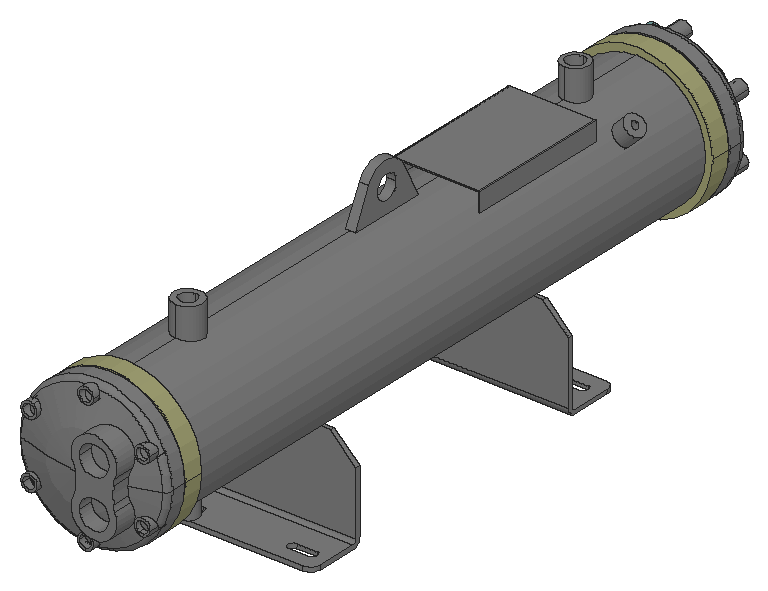
Revit family "MIT-BMC_20_4P", category Specialty Equipment, Revit 2022
Family settings
  Round Connector Dimension = Use Radius
  Part Type = Normal
  Work Plane-Based = No
  Always vertical = Yes
  Cut with Voids When Loaded = No
  Maintain Annotation Orientation = No
  Shared = No
  Room Calculation Point = No
Parameters
  URL = "https://en.ekinendustriyel.com/evaporators-and-condensers"
  Test Pressure = 64.35 bar
  Production Standard = "TS EN 13831"
  Operating Pressure = 45.0 bar
  Model = "MIT-BCM 20_4P"
  Manufacturer = "Ekin Endüstriyel"
  Keynote = "Condensers"
  Description = "MIT- Condensers"
  Default Elevation = 0 mm
Reference planes
  plane 1 "Center (Front/Back)": y = 0
  plane 2: z = 0
  plane 3 "Center (Left/Right)": x = 0
Forms (mm)
  Extrusion 1, solid, material "Ekin Endustriyel-S235JR"
    sketch origin (0, 0, 0) x (1, 0, 0) y (0, 0, 1)
      loop
        circle (0, 149.85) r 69.85
    from -330 to 330
  Extrusion 2, solid, material "Ekin Endustriyel-AISI316L", detail levels medium+fine
    sketch origin (0, 0, 0) x (1, 0, 0) y (0, 0, 1)
      loop
        circle (0, 149.85) r 77.5
    from 330 to 350
  Sweep 3, solid, material "Ekin Endustriyel-S235JR", detail levels medium+fine
    path in 3D
      loop
        arc (77.5, -350, 149.85) -> (0, -350, 72.35) -> (-77.5, -350, 149.85) r 77.5
        arc (-77.5, -350, 149.85) -> (0, -350, 227.35) -> (77.5, -350, 149.85) r 77.5
    profile origin (0, -350, 227.35) x (0, 0, 1) y (0, -1, 0)
      loop
        line (0, 2) -> (0, 17.156)
        arc (0, 17.156) -> (-1.136, 21.036) -> (-4.187, 23.69) r 7.192
        arc (-4.187, 23.69) -> (-39.787, 35.801) -> (-77.114, 40.359) r 182.498
        line (-77.114, 40.359) -> (-77.114, 2) -> (0, 2)
  Extrusion 4, solid, material "Ekin Endustriyel-S235JR", detail levels fine
    sketch origin (0, 0, 0) x (1, 0, 0) y (0, 0, 1)
      loop
        circle (25.011, 174.878) r 15.5
      loop
        circle (25.011, 124.878) r 15.5
      loop
        arc (46.408, 165.162) -> (25.011, 198.378) -> (3.614, 165.162) r 23.5
        arc (3.614, 165.162) -> (4.758, 162.032) -> (5.416, 158.766) r 22
        arc (5.416, 158.766) -> (5.963, 149.878) -> (5.416, 140.99) r 72.414
        arc (5.416, 140.99) -> (4.758, 137.724) -> (3.614, 134.594) r 22
        arc (3.614, 134.594) -> (25.011, 101.378) -> (46.408, 134.594) r 23.5
        arc (46.408, 134.594) -> (45.264, 137.724) -> (44.606, 140.99) r 22
        arc (44.606, 140.99) -> (44.059, 149.878) -> (44.606, 158.766) r 72.414
        arc (44.606, 158.766) -> (45.264, 162.032) -> (46.408, 165.162) r 22
    from 371.512 to 402.178
  Extrusion 5, solid, material "Ekin Endustriyel-S235JR", detail levels fine
    sketch origin (0, 0, 0) x (1, 0, 0) y (0, 0, 1)
      loop
        arc (64.65, 184.28) -> (61.135, 189.225) -> (55.08, 188.836) r 6.23
        arc (55.08, 188.836) -> (55.779, 177.975) -> (64.65, 184.28) r 6.23
      loop
        arc (53.996, 190.516) -> (54.919, 176.169) -> (66.638, 184.498) r 8.23
        arc (66.638, 184.498) -> (61.994, 191.031) -> (53.996, 190.516) r 8.23
      loop
        arc (-64.65, 115.42) -> (-61.135, 110.475) -> (-55.08, 110.864) r 6.23
        arc (-55.08, 110.864) -> (-55.779, 121.725) -> (-64.65, 115.42) r 6.23
      loop
        arc (-53.996, 109.184) -> (-54.919, 123.531) -> (-66.638, 115.202) r 8.23
        arc (-66.638, 115.202) -> (-61.994, 108.669) -> (-53.996, 109.184) r 8.23
      loop
        arc (-2.508, 223.053) -> (-3.532, 212.218) -> (6.222, 217.044) r 6.23
        arc (6.222, 217.044) -> (3.532, 222.482) -> (-2.508, 223.053) r 6.23
      loop
        arc (8.22, 216.945) -> (4.666, 224.129) -> (-3.313, 224.884) r 8.23
        arc (-3.313, 224.884) -> (-4.666, 210.571) -> (8.22, 216.945) r 8.23
      loop
        arc (2.508, 76.647) -> (3.532, 87.482) -> (-6.222, 82.656) r 6.23
        arc (-6.222, 82.656) -> (-3.532, 77.218) -> (2.508, 76.647) r 6.23
      loop
        arc (-8.22, 82.755) -> (-4.666, 75.571) -> (3.313, 74.816) r 8.23
        arc (3.313, 74.816) -> (4.666, 89.129) -> (-8.22, 82.755) r 8.23
      loop
        arc (-64.65, 184.28) -> (-55.779, 177.975) -> (-55.08, 188.836) r 6.23
        arc (-55.08, 188.836) -> (-61.135, 189.225) -> (-64.65, 184.28) r 6.23
      loop
        arc (-53.996, 190.516) -> (-61.994, 191.031) -> (-66.638, 184.498) r 8.23
        arc (-66.638, 184.498) -> (-54.919, 176.169) -> (-53.996, 190.516) r 8.23
      loop
        arc (64.65, 115.42) -> (55.779, 121.725) -> (55.08, 110.864) r 6.23
        arc (55.08, 110.864) -> (61.135, 110.475) -> (64.65, 115.42) r 6.23
      loop
        arc (53.996, 109.184) -> (61.994, 108.669) -> (66.638, 115.202) r 8.23
        arc (66.638, 115.202) -> (54.919, 123.531) -> (53.996, 109.184) r 8.23
    from 359.194 to 382
  Sweep 6, solid, material "Ekin Endustriyel-S235JR", detail levels medium+fine
    path in 3D
      loop
        arc (77.5, 350, 149.85) -> (0, 350, 72.35) -> (-77.5, 350, 149.85) r 77.5
        arc (-77.5, 350, 149.85) -> (0, 350, 227.35) -> (77.5, 350, 149.85) r 77.5
    profile origin (0, 350, 227.35) x (0, 0, -1) y (0, 1, 0)
      loop
        line (0, 2) -> (77.114, 2) -> (77.114, 40.359)
        arc (77.114, 40.359) -> (39.787, 35.801) -> (4.187, 23.69) r 182.498
        arc (4.187, 23.69) -> (1.136, 21.036) -> (0, 17.156) r 7.192
        line (0, 17.156) -> (0, 2)
  Extrusion 7, solid, material "Ekin Endustriyel-Zinc", detail levels fine
    sketch origin (0, 0, 0) x (1, 0, 0) y (0, 0, -1)
      loop
        circle (-30, -201.812) r 11
    from 359.194 to 390
  Extrusion 8, solid, material "Ekin Endustriyel-S235JR", detail levels fine
    sketch origin (0, 0, 0) x (1, 0, 0) y (0, 0, 1)
      loop
        line (-43.995, 204.104) -> (-43.995, 223.089) -> (43.995, 223.089) -> (43.995, 204.104) -> (44.978, 204.104) -> (44.978, 223.089)
        arc (44.978, 223.089) -> (44.685, 223.796) -> (43.978, 224.089) r 1
        line (43.978, 224.089) -> (-43.978, 224.089)
        arc (-43.978, 224.089) -> (-44.685, 223.796) -> (-44.978, 223.089) r 1
        line (-44.978, 223.089) -> (-44.978, 204.104) -> (-43.995, 204.104)
    from -220 to -70
  Extrusion 9, solid, material "Ekin Endustriyel-S235JR", detail levels fine
    sketch origin (0, 0, 0) x (0, 1, 0) y (0, 0, 1)
      loop
        arc (22.472, 255.476) -> (0, 269.521) -> (-22.472, 255.476) r 25
        line (-22.472, 255.476) -> (-40, 219.521) -> (40, 219.521) -> (22.472, 255.476)
      loop
        circle (0, 244.521) r 12.5
    from 5 to -5
  Extrusion 10, solid, material "Ekin Endustriyel-S235JR", detail levels fine
    sketch origin (0, 0, 0) x (1, 0, 0) y (0, 1, 0)
      loop
        circle (0, 250) r 13.75
      loop
        circle (0, 250) r 9.5
    from 207.811 to 250
  Extrusion 11, solid, material "Ekin Endustriyel-S235JR", detail levels fine
    sketch origin (0, -500, 0) x (1, 0, 0) y (0, 1, 0)
      loop
        circle (0, 250) r 15.25
      loop
        circle (0, 250) r 8.928
    from 207.811 to 250
  Extrusion 12, solid, material "Ekin Endustriyel-S235JR", detail levels fine
    sketch origin (0, -500, 0) x (1, 0, 0) y (0, 1, 0)
      loop
        circle (0, 250) r 10.75
      loop
        circle (0, 250) r 8.25
    from 50 to 99.961
  Extrusion 13, solid, material "Ekin Endustriyel-S235JR", detail levels medium+fine
    sketch origin (0, 0, 0) x (0, 1, 0) y (0, 0, 1)
      loop
        line (195, 4) -> (143, 4)
        arc (143, 4) -> (140.172, 5.172) -> (139, 8) r 4
        line (139, 8) -> (139, 100) -> (135, 100) -> (135, 8)
        arc (135, 8) -> (137.343, 2.343) -> (143, 0) r 8
        line (143, 0) -> (195, 0) -> (195, 4)
      loop
        line (-195, 4) -> (-195, 0) -> (-143, 0)
        arc (-143, 0) -> (-137.343, 2.343) -> (-135, 8) r 8
        line (-135, 8) -> (-135, 100) -> (-139, 100) -> (-139, 8)
        arc (-139, 8) -> (-140.172, 5.172) -> (-143, 4) r 4
        line (-143, 4) -> (-195, 4)
    from -85 to 85
  Extrusion 14, void
    sketch origin (0, 0, 0) x (1, 0, 0) y (0, 0, 1)
      loop
        line (-58.929, 100) -> (-48.929, 100)
        arc (-48.929, 100) -> (0, 80) -> (48.929, 100) r 69.85
        line (48.929, 100) -> (58.929, 100) -> (85, 73.929) -> (85, 115.135) -> (-85, 115.135) -> (-85, 73.929) -> (-58.929, 100)
    from -139 to 139
  Extrusion 15, void
    sketch origin (0, 0, 0) x (1, 0, 0) y (0, 1, 0)
      loop
        line (-48.5, 180.25) -> (-68.5, 180.25)
        arc (-68.5, 180.25) -> (-73.75, 175) -> (-68.5, 169.75) r 5.25
        line (-68.5, 169.75) -> (-48.5, 169.75)
        arc (-48.5, 169.75) -> (-43.25, 175) -> (-48.5, 180.25) r 5.25
      loop
        line (-75, 195) -> (75, 195)
        arc (75, 195) -> (82.071, 192.071) -> (85, 185) r 10
        line (85, 185) -> (97.624, 185) -> (97.624, 220) -> (-105, 220) -> (-105, 185) -> (-85, 185)
        arc (-85, 185) -> (-82.071, 192.071) -> (-75, 195) r 10
      loop
        line (68.5, 180.25) -> (48.5, 180.25)
        arc (48.5, 180.25) -> (43.25, 175) -> (48.5, 169.75) r 5.25
        line (48.5, 169.75) -> (68.5, 169.75)
        arc (68.5, 169.75) -> (73.75, 175) -> (68.5, 180.25) r 5.25
      loop
        arc (-48.5, -180.25) -> (-43.25, -175) -> (-48.5, -169.75) r 5.25
        line (-48.5, -169.75) -> (-68.5, -169.75)
        arc (-68.5, -169.75) -> (-73.75, -175) -> (-68.5, -180.25) r 5.25
        line (-68.5, -180.25) -> (-48.5, -180.25)
      loop
        arc (-75, -195) -> (-82.071, -192.071) -> (-85, -185) r 10
        line (-85, -185) -> (-105, -185) -> (-105, -220) -> (97.624, -220) -> (97.624, -185) -> (85, -185)
        arc (85, -185) -> (82.071, -192.071) -> (75, -195) r 10
        line (75, -195) -> (-75, -195)
      loop
        arc (68.5, -180.25) -> (73.75, -175) -> (68.5, -169.75) r 5.25
        line (68.5, -169.75) -> (48.5, -169.75)
        arc (48.5, -169.75) -> (43.25, -175) -> (48.5, -180.25) r 5.25
        line (48.5, -180.25) -> (68.5, -180.25)
    from 0 to 4
  Extrusion 16, solid, material "Ekin Endustriyel-S235JR", detail levels fine
    sketch origin (61.503, 250, 211.353) x (0, 1, 0) y (-0.707107, 0, 0.707107)
      loop
        circle (0, 0) r 11
      loop
        circle (0, 0) r 4.216
    from 0 to -34.178
  Extrusion 17, solid, material "Ekin Endustriyel-AISI316L", detail levels medium+fine
    sketch origin (0, 0, 0) x (1, 0, 0) y (0, 0, -1)
      loop
        circle (0, -149.85) r 77.5
    from 330 to 350
  Extrusion 18, solid, material "Ekin Endustriyel-S235JR", detail levels coarse
    sketch origin (0, 0, 0) x (1, 0, 0) y (0, 0, 1)
      loop
        circle (0, 149.85) r 77.5
    from -390 to 390
  Extrusion 19, solid, material "Ekin Endustriyel-S235JR", detail levels coarse
    sketch origin (0, 0, 0) x (0, 1, 0) y (0, 0, 1)
      loop
        line (-135, 0) -> (-135, 100) -> (-139, 100) -> (-139, 4) -> (-195, 4) -> (-195, 0) -> (-135, 0)
      loop
        line (135, 0) -> (195, 0) -> (195, 4) -> (139, 4) -> (139, 100) -> (135, 100) -> (135, 0)
    from -85 to 85
  Extrusion 20, solid, material "Ekin Endustriyel-S235JR", detail levels fine
    sketch origin (0, 0, 0) x (1, 0, 0) y (0, 0, -1)
      loop
        arc (64.65, -184.28) -> (55.779, -177.975) -> (55.08, -188.836) r 6.23
        arc (55.08, -188.836) -> (61.135, -189.225) -> (64.65, -184.28) r 6.23
      loop
        arc (53.996, -190.516) -> (61.994, -191.031) -> (66.638, -184.498) r 8.23
        arc (66.638, -184.498) -> (54.919, -176.169) -> (53.996, -190.516) r 8.23
      loop
        arc (-64.65, -115.42) -> (-55.779, -121.725) -> (-55.08, -110.864) r 6.23
        arc (-55.08, -110.864) -> (-61.135, -110.475) -> (-64.65, -115.42) r 6.23
      loop
        arc (-53.996, -109.184) -> (-61.994, -108.669) -> (-66.638, -115.202) r 8.23
        arc (-66.638, -115.202) -> (-54.919, -123.531) -> (-53.996, -109.184) r 8.23
      loop
        arc (-2.508, -223.053) -> (3.532, -222.482) -> (6.222, -217.044) r 6.23
        arc (6.222, -217.044) -> (-3.532, -212.218) -> (-2.508, -223.053) r 6.23
      loop
        arc (8.22, -216.945) -> (-4.666, -210.571) -> (-3.313, -224.884) r 8.23
        arc (-3.313, -224.884) -> (4.666, -224.129) -> (8.22, -216.945) r 8.23
      loop
        arc (2.508, -76.647) -> (-3.532, -77.218) -> (-6.222, -82.656) r 6.23
        arc (-6.222, -82.656) -> (3.532, -87.482) -> (2.508, -76.647) r 6.23
      loop
        arc (-8.22, -82.755) -> (4.666, -89.129) -> (3.313, -74.816) r 8.23
        arc (3.313, -74.816) -> (-4.666, -75.571) -> (-8.22, -82.755) r 8.23
      loop
        arc (-64.65, -184.28) -> (-61.135, -189.225) -> (-55.08, -188.836) r 6.23
        arc (-55.08, -188.836) -> (-55.779, -177.975) -> (-64.65, -184.28) r 6.23
      loop
        arc (-53.996, -190.516) -> (-54.919, -176.169) -> (-66.638, -184.498) r 8.23
        arc (-66.638, -184.498) -> (-61.994, -191.031) -> (-53.996, -190.516) r 8.23
      loop
        arc (64.65, -115.42) -> (61.135, -110.475) -> (55.08, -110.864) r 6.23
        arc (55.08, -110.864) -> (55.779, -121.725) -> (64.65, -115.42) r 6.23
      loop
        arc (53.996, -109.184) -> (54.919, -123.531) -> (66.638, -115.202) r 8.23
        arc (66.638, -115.202) -> (61.994, -108.669) -> (53.996, -109.184) r 8.23
      loop
        circle (25, -174.85) r 22.5
      loop
        circle (-25, -124.85) r 22.5
      loop
        circle (30, -97.888) r 11
    from 359.194 to 390
Cuts and joins
  Extrusion 14, Extrusion 15 cuts Extrusion 13
  joined: Extrusion 18, Extrusion 19
Lines and regions (mm)
  sketch lines
    curve 1: arc (-77.5, -350, 149.85) -> (0, -350, 227.35) -> (77.5, -350, 149.85) r 77.5
    curve 2: arc (77.5, -350, 149.85) -> (0, -350, 72.35) -> (-77.5, -350, 149.85) r 77.5
    curve 3: arc (-77.5, 350, 149.85) -> (0, 350, 227.35) -> (77.5, 350, 149.85) r 77.5
    curve 4: arc (77.5, 350, 149.85) -> (0, 350, 72.35) -> (-77.5, 350, 149.85) r 77.5
Dimensions and locks
  aligned and locked: level to plane 2
Connectors
  piping at (25.011, -402.178, 174.878), diameter 25.4
    settings: on Extrusion 4, index 1, connector inside diameter 609.6 mm, connector length 0 mm, flow factor 0, pipe flow 0.0 L/s, pressure drop 0.0 Pa, fitting loss kfactor 0, connector angle 0.00°, fixture units 0, engagement length 0 mm, angle of deflection 0.00°, flow configuration 0, flow direction 1, fitting loss method 0, system type 7, joint type 0, gender type 0, connector reference index -1, connector utility 0, adjustable connector no, is connector primary yes, connector description ""
  piping at (25.011, -402.178, 124.878), diameter 25.4
    settings: on Extrusion 4, index 2, connector inside diameter 609.6 mm, connector length 0 mm, flow factor 0, pipe flow 0.0 L/s, pressure drop 0.0 Pa, fitting loss kfactor 0, connector angle 0.00°, fixture units 0, engagement length 0 mm, angle of deflection 0.00°, flow configuration 0, flow direction 2, fitting loss method 0, system type 7, joint type 0, gender type 0, connector reference index -1, connector utility 0, adjustable connector no, is connector primary no, connector description ""
  hvac at (0, 250, 250)
    settings: on Extrusion 10, index 3, duct flow 0.0 L/s, flow factor 0, pres drop 0.0 bar, loss coef 0, conn angle 0.00°, conn width 304.8 mm, conn height 304.8 mm, conn diameter 22 mm, duct sys type 3, conn prof type 0, flow config 0, flow direction 1, loss method 0, conn ref index -1, conn util no, is conn primary yes, conn desc ""
  hvac at (0, -250, 50)
    settings: on Extrusion 12, index 4, duct flow 0.0 L/s, flow factor 0, pres drop 0.0 bar, loss coef 0, conn angle 0.00°, conn width 304.8 mm, conn height 304.8 mm, conn diameter 16 mm, duct sys type 3, conn prof type 0, flow config 0, flow direction 2, loss method 0, conn ref index -1, conn util no, is conn primary no, conn desc ""
